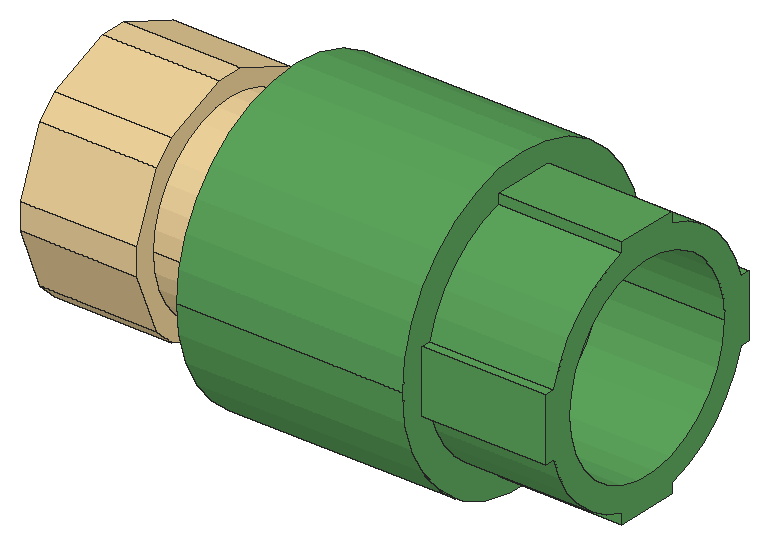
Revit family "Aquatherm_Резьбовое соединение для подключения водяного счетчика", category Соединительные детали трубопроводов, Revit 2019
Family settings
  Размер круглого соединителя = Использовать диаметр
  Тип детали = Переход
  На основе рабочей плоскости = Нет
  Всегда вертикально = Да
  При загрузке вырезать с полостями = Нет
  Общий = Нет
Parameters (values of type "SDR 11")
  Материал_Корпус_2 = AquaTherm латунь pipe
  Материал_Корпус = AquaTherm green pipe
  K Coefficient = 0
  z [instance] = size_lookup("Резьбовое соединение для подключения водяного счетчика", "z", 18 mm, d, R)  # 45 mm
  n1 [instance] = l + 30 mm + l1  # 94 mm
  n [instance] = 30 mm + l - z  # 46 mm
  l1 [instance] = size_lookup("Резьбовое соединение для подключения водяного счетчика", "l1", 18 mm, d, R)  # 3 mm
  r [instance] = R + 3 mm  # 23 mm
  k [instance] = 15 mm  # constant formula
  d2 [instance] = d + 6 mm  # 31 mm
  d1 [instance] = d - 8 mm  # 17 mm
  URL = "www.agpipe.ru"
  d [instance] = 25 mm
  SW' [instance] = SW - 1 mm  # 29 mm
  SW [instance] = size_lookup("Резьбовое соединение для подключения водяного счетчика", "SW", 18 mm, d, R)  # 30 mm
  SDR = 11 mm
  R [instance] = 20 mm
  l [instance] = size_lookup("Резьбовое соединение для подключения водяного счетчика", "l", 18 mm, d, R)  # 61 mm
  D1 [instance] = D - 6 mm  # 32.5 mm
  D [instance] = size_lookup("Резьбовое соединение для подключения водяного счетчика", "D", 18 mm, d, R)  # 38.5 mm
  ADSK_Примечание = ""
  ADSK_Позиция [instance] = ""
  ADSK_Обозначение = ""
  ADSK_Наименование [instance] = size_lookup("Резьбовое соединение для подключения водяного счетчика", "ADSK_Наименование", "Нет в каталоге", d, R)  # "Резьбовое соединение для подключения водяного счетчика DN25x3/4''"
  ADSK_Масса_Текст [instance] = size_lookup("Резьбовое соединение для подключения водяного счетчика", "ADSK_Масса_Текст", "Нет в каталоге", d, R)  # "0.155"
  ADSK_Код изделия [instance] = size_lookup("Резьбовое соединение для подключения водяного счетчика", "ADSK_Код изделия", "Нет в каталоге", d, R)  # "26810"
  ADSK_Завод-изготовитель = "Aquatherm"  # constant formula
  ADSK_Единица измерения = "шт."  # constant formula
  1 [instance] = 1 = 1  # yes
Types (5, lengths in mm): name | z | n1 | n | d2 | d1 | d | SDR | l | D1 | D | ADSK_Наименование | ADSK_Масса_Текст | ADSK_Код изделия
  (no name) | 45 | 94 | 46 | 31 | 17 | 25 | 11 | 61 | 32.5 | 38.5 | "Резьбовое соединение для подключения водяного счетчика DN25x3/4''" | "0.155" | "26810"
  SDR 6 | 45 | 94 | 46 | 31 | 17 | 25 | 6 | 61 | 32.5 | 38.5 | "Резьбовое соединение для подключения водяного счетчика DN25x3/4''" | "0.155" | "26810"
  SDR 7.4 | 45 | 94 | 46 | 31 | 17 | 25 | 7.4 | 61 | 32.5 | 38.5 | "Резьбовое соединение для подключения водяного счетчика DN25x3/4''" | "0.155" | "26810"
  SDR 9 | 44 | 95 | 48 | 38 | 24 | 32 | 9 | 62 | 37.5 | 43.5 | "Резьбовое соединение для подключения водяного счетчика DN32x3/4''" | "0.162" | "26812"
  SDR 11 | 45 | 94 | 46 | 31 | 17 | 25 | 11 | 61 | 32.5 | 38.5 | "Резьбовое соединение для подключения водяного счетчика DN25x3/4''" | "0.155" | "26810"
Reference planes
  plane 1 "По центру (Вперед/Назад)": y = 0
  plane 2: z = 0
  plane 3 "По центру (Влево/Вправо)": x = 0
  plane 4: x = -30.5
  plane 5: x = 30.5
  plane 6: x = -33.5
  plane 7: x = -38
  plane 8: x = -23
  plane 9: x = -27
  plane 10: x = 14.5
  plane 11: x = -14.5
  plane 12: x = 60.5
  plane 13: x = 14.5
  plane 14: x = -33.5
Forms (mm)
  Extrusion 1, solid, material "AquaTherm green pipe" <- "Материал_Корпус", visible <- "1"
    sketch origin (0, 0, 0) x (0, 1, 0) y (0, 0, 1)
      loop
        circle (0, 0) r 19.25
    from -14.5 to 14.5
  Extrusion 2, solid, material "AquaTherm латунь pipe" <- "Материал_Корпус_2", visible <- "1"
    sketch origin (0, 0, 0) x (0, 1, 0) y (0, 0, 1)
      loop
        line (-6.213, 15) -> (-15, 6.213) -> (-15, -6.213) -> (-6.213, -15) -> (6.213, -15) -> (15, -6.213) -> (15, 6.213) -> (6.213, 15) -> (-6.213, 15)
    from -38 to -23
  Extrusion 3, void
    sketch origin (0, 0, 0) x (0, 1, 0) y (0, 0, 1)
      loop
        line (0, 15.695) -> (-11.098, 11.098) -> (-15.695, 0) -> (-11.098, -11.098) -> (0, -15.695) -> (11.098, -11.098) -> (15.695, 0) -> (11.098, 11.098) -> (0, 15.695)
      loop
        circle (0, 0) r 61
    from -38 to -23
  Extrusion 4, void
    sketch origin (0, 0, 0) x (0, 1, 0) y (0, 0, 1)
      loop
        circle (0, 0) r 10
    from -38 to -23
  Extrusion 5, void
    sketch origin (0, 0, 0) x (0, 1, 0) y (0, 0, 1)
      loop
        circle (0, 0) r 12.5
    from 14.5 to 30.5
  Extrusion 6, solid, material "AquaTherm латунь pipe" <- "Материал_Корпус_2", visible <- "1"
    sketch origin (0, 0, 0) x (0, 1, 0) y (0, 0, 1)
      loop
        circle (0, 0) r 12.5
    from -14.5 to -23
  Extrusion 7, void
    sketch origin (0, 0, 0) x (0, 1, 0) y (0, 0, 1)
      loop
        circle (0, 0) r 8.5
    from -23 to 14.5
  Extrusion 8, solid, material "AquaTherm green pipe" <- "Материал_Корпус", visible <- "1"
    sketch origin (0, 0, 0) x (0, 1, 0) y (0, 0, 1)
      loop
        circle (0, 0) r 15.5
    from 14.5 to 30.5
  Extrusion 9, solid, material "AquaTherm green pipe" <- "Материал_Корпус", visible <- "1"
    sketch origin (0, 0, 0) x (0, 1, 0) y (0, 0, 1)
      loop
        line (-4, -16.25) -> (4, -16.25) -> (4, 16.25) -> (-4, 16.25) -> (-4, -16.25)
    from 14.5 to 30.5
  Extrusion 10, solid, material "AquaTherm green pipe" <- "Материал_Корпус", visible <- "1"
    sketch origin (0, 0, 0) x (0, 1, 0) y (0, 0, 1)
      loop
        line (-16.25, 4) -> (-16.25, -4) -> (16.25, -4) -> (16.25, 4) -> (-16.25, 4)
    from 14.5 to 30.5
Cuts and joins
  Extrusion 3, Extrusion 4, Extrusion 5, Extrusion 7 cuts Extrusion 2
  Extrusion 7 cuts Extrusion 6
  Extrusion 5 cuts Extrusion 8
  Extrusion 5 cuts Extrusion 9
  Extrusion 5 cuts Extrusion 10
  joined: Extrusion 8, Extrusion 9, Extrusion 10
  Extrusion 4, Extrusion 5, Extrusion 7 cuts Extrusion 1
Lines and regions (mm)
  reference lines
    curve 1: line (14.5, 0, 0) -> (-33.5, 0, 0)
Dimensions and locks
  equal spacing: plane 4, plane 3 "По центру (Влево/Вправо)", plane 5
  "l": plane 4 to plane 5
  "l1": plane 6 to plane 4
  equal spacing: Extrusion 2 sketch curve, level, Extrusion 2 sketch curve
  "SW": Extrusion 2 sketch curve to Extrusion 2 sketch curve  (x4)
  equal spacing: Extrusion 2 sketch curve, plane 1 "По центру (Вперед/Назад)", Extrusion 2 sketch curve  (x3)
  equal spacing: Extrusion 3 sketch curve, plane 1 "По центру (Вперед/Назад)", Extrusion 3 sketch curve  (x4)
  "SW'": Extrusion 3 sketch curve to Extrusion 3 sketch curve  (x4)
  equal spacing: plane 7, plane 4, plane 8
  "k": plane 7 to plane 8
  locked: plane 9 to plane 8 at 4
  "z": plane 4 to plane 10
  "z": plane 11 to plane 5
  equal spacing: Extrusion 9 sketch curve, level, Extrusion 9 sketch curve
  "D1": Extrusion 9 sketch curve to Extrusion 9 sketch curve
  equal spacing: Extrusion 10 sketch curve, plane 1 "По центру (Вперед/Назад)", Extrusion 10 sketch curve
  "D1": Extrusion 10 sketch curve to Extrusion 10 sketch curve
  locked: plane 5 to plane 12 at 30
  "n": plane 13 to plane 12
  "n1": plane 14 to plane 12
  "D": diameter of Extrusion 1 sketch curve
  "l": radius of Extrusion 3 sketch curve
  "R": diameter of Extrusion 4 sketch curve
  "d": diameter of Extrusion 5 sketch curve
  "d": diameter of Extrusion 6 sketch curve
  "d1": diameter of Extrusion 7 sketch curve
  "d2": diameter of Extrusion 8 sketch curve
  locked: Extrusion 2 sketch curve to Extrusion 2 sketch curve (angle 135.00°)  (x4)
  locked: Extrusion 3 sketch curve to Extrusion 3 sketch curve (angle 135.00°)  (x4)
  aligned and locked: level to plane 2
  aligned and locked: Extrusion 3 to plane 7
  aligned and locked: Extrusion 3 to plane 8
  aligned and locked: cut or joined group of Extrusion 2, Extrusion 3, Extrusion 4, Extrusion 5, Extrusion 7 to plane 7
  aligned and locked: cut or joined group of Extrusion 2, Extrusion 3, Extrusion 4, Extrusion 5, Extrusion 7 to plane 8
  aligned and locked: Extrusion 2 to Extrusion 4  (x2)
  aligned and locked: plane 5 to Extrusion 5
  aligned and locked: Extrusion 5 to plane 10
  aligned and locked: plane 11 to Extrusion 6
  aligned and locked: plane 8 to Extrusion 7
  aligned and locked: plane 10 to Extrusion 7
  aligned and locked: plane 8 to cut or joined group of Extrusion 6, Extrusion 7
  aligned and locked: Extrusion 1 to Extrusion 5
  aligned and locked: Extrusion 8 to plane 10
  aligned and locked: plane 5 to Extrusion 8
  aligned and locked: Extrusion 10 to plane 10
  aligned and locked: plane 5 to Extrusion 10
  aligned and locked: Extrusion 9 to plane 10
  aligned and locked: plane 5 to Extrusion 9
  aligned and locked: plane 13 to curve 1
  aligned and locked: plane 14 to curve 1
Automatic sketch dimensions
  plane 1 "По центру (Вперед/Назад)" to curve 1 = 0 mm
  Extrusion 1 sketch curve to level = 0 mm
  Extrusion 1 sketch curve to plane 1 "По центру (Вперед/Назад)" = 0 mm
  Extrusion 3 sketch curve to plane 1 "По центру (Вперед/Назад)" = 0 mm  (x2)
  Extrusion 3 sketch curve to level = 0 mm  (x2)
  Extrusion 4 sketch curve to level = 0 mm
  Extrusion 4 sketch curve to plane 1 "По центру (Вперед/Назад)" = 0 mm
  Extrusion 5 sketch curve to level = 0 mm
  Extrusion 5 sketch curve to plane 1 "По центру (Вперед/Назад)" = 0 mm
  Extrusion 6 sketch curve to level = 0 mm
  Extrusion 6 sketch curve to plane 1 "По центру (Вперед/Назад)" = 0 mm
  Extrusion 7 sketch curve to level = 0 mm
  Extrusion 7 sketch curve to plane 1 "По центру (Вперед/Назад)" = 0 mm
  Extrusion 8 sketch curve to level = 0 mm
  Extrusion 8 sketch curve to plane 1 "По центру (Вперед/Назад)" = 0 mm
  plane 1 "По центру (Вперед/Назад)" to Extrusion 9 sketch curve = 4 mm
  Extrusion 9 sketch curve to plane 1 "По центру (Вперед/Назад)" = 4 mm
  Extrusion 10 sketch curve to level = 4 mm
  level to Extrusion 10 sketch curve = 4 mm
Connectors
  piping at (14.5, 0, 0), diameter 25, driven by "d"
    settings: on curve 1, index 1, connector inside diameter 609.6 mm, connector length 0 mm, flow factor 0, pipe flow 0.0 L/s, pressure drop 0.0 Pa, fitting loss kfactor 0, connector angle 0.00°, fixture units 0, engagement length 0 mm, angle of deflection 0.00°, flow configuration 0, flow direction 0, fitting loss method 0, system type 28, joint type 0, gender type 0, connector reference index 2, connector utility 0, adjustable connector no, is connector primary yes, connector description ""
  piping at (-33.5, 0, 0), diameter 20, driven by "R"
    settings: on curve 1, index 2, connector inside diameter 609.6 mm, connector length 0 mm, flow factor 0, pipe flow 0.0 L/s, pressure drop 0.0 Pa, fitting loss kfactor 0, connector angle 0.00°, fixture units 0, engagement length 0 mm, angle of deflection 0.00°, flow configuration 0, flow direction 0, fitting loss method 0, system type 28, joint type 0, gender type 0, connector reference index 1, connector utility 0, adjustable connector no, is connector primary no, connector description ""
